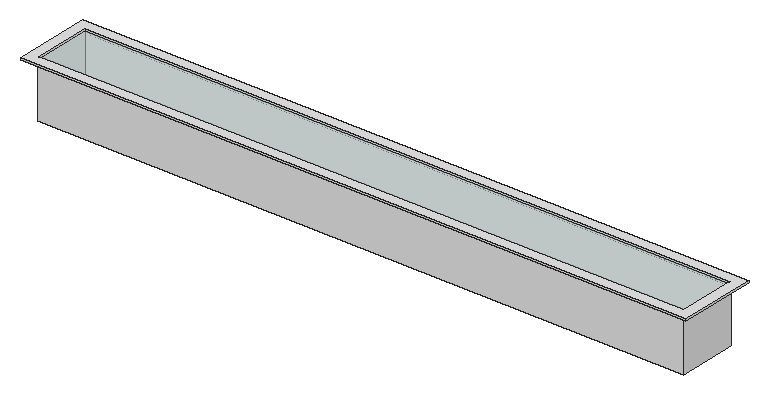
Revit family "CWW", category Lighting Fixtures, host Face, Revit 2012
Parameters (values of type "CWW4-50XWG-1WR-EDU")
  Watts = 25 W
  Wattage = 25 W
  Warranty = "Five year warranty"  # constant formula
  built-in parameter 1150110 = 1 (stored number, unit not read)
  Voltage = 120 V
  built-in parameter 1114217 = 1 (stored number, unit not read)
  Tilt Angle = -90.00°  # constant formula
  built-in parameter 1150109 = 1 (stored number, unit not read)
  built-in parameter 1150134 = 2
  built-in parameter 1150113 = 1 (stored number, unit not read)
  Power Factor = 1
  Photometric Web Notes = "More IES files Download Photometric Web Link"  # constant formula
  Photometric Web Link = "http://www.columbialighting.com/resources/photometry_search/"
  Photometric Web File = "CWW4-50XWG-1WR-EDU.ies"
  Technical Support = "864-678-1000"  # constant formula
  Manufacturer Fax = "866-898-1065"  # constant formula
  Emit from Rectangle Width = 0' - 3 1/2"  # constant formula
  Emit from Rectangle Length = Length - 0' 2"  # 3' - 10"
  Emit Shape Visible in Rendering = no
  Lumen Output = "Extra Low Watt"
  Distribution = "Asymmetric Wallwash with Roomside"
  Ceiling Type = "Grid"
  built-in parameter 1150105 = 220.67 (stored number, unit not read)
  Lumens = 2773 lm
  built-in parameter 1150115 = 1 (stored number, unit not read)
  Load Classification = Lighting
  built-in parameter 1150137 = (empty or 0)
  built-in parameter 1150139 = (empty or 0)
  Length = 4' - 0"
  Wattage Comments = "20W-23.2W"
  URL = "http://www.columbialighting.com/"
  Product Page URL = "http://www.columbialighting.com/products/cww"
  Product Documentation Link = "http://cdn.columbialighting.com/content/products/specs/specs_files/cww.pdf"
  Model = "CWW"  # constant formula
  Manufacturer = "Columbia Lighting"  # constant formula
  built-in parameter 1150112 = 1 (stored number, unit not read)
  built-in parameter 1150114 = 1 (stored number, unit not read)
  Lamp = "LED Lamp"  # constant formula
  Opal lens = Hubbell - Glass
  built-in parameter 1150132 = (empty or 0)
  built-in parameter 1150102 = (empty or 0)
  built-in parameter 1150107 = 5000 (stored number, unit not read)
  built-in parameter 1150138 = (empty or 0)
  built-in parameter 1150106 = 2.2067 (stored number, unit not read)
  built-in parameter 1150104 = 10.305 (stored number, unit not read)
  Dimming Lamp Color Temperature Shift = <None>
  Description = "Contemporary LED Wall Wash"  # constant formula
  Default Elevation = 4' - 0"
  Color Filter = 16777215
  built-in parameter 1114218 = 1 (stored number, unit not read)
  Material Finish = Hubbell - Paint - White
  built-in parameter 1150133 = 10 (stored number, unit not read)
  Apparent Load = Watts / Power Factor  # 25 VA
Types (7): name | Watts | Wattage | built-in parameter 1150134 | Photometric Web File | Emit from Rectangle Length | Lumen Output | Distribution | built-in parameter 1150105 | Lumens | Length | built-in parameter 1150132 | built-in parameter 1150107 | built-in parameter 1150106 | built-in parameter 1150104 | Apparent Load
  (no name) | 25 W | 25 W | 2 | "CWW4-50XWG-1WR-EDU.ies" | 3' - 10" | "Extra Low Watt" | "Asymmetric Wallwash with Roomside" | 220.67 (stored number, unit not read) | 2773 lm | 4' - 0" | (empty or 0) | 5000 (stored number, unit not read) | 2.2067 (stored number, unit not read) | 10.305 (stored number, unit not read) | 25 VA
  CWW4-40XWG-2WW-EDU | 25 W | 23.5712 W | 12 | "CWW4-40XWG-2WW-EDU.ies" | 3' - 10" | "Extra Low Watt" | "Double Wallwash" | 221.86 (stored number, unit not read) | 2788 lm | 4' - 0" | 2 | 4000 (stored number, unit not read) | 2.2186 (stored number, unit not read) | 10.989 (stored number, unit not read) | 25 VA
  CWW4-50MLG-1WW-EDU | 50 W | 50 W | 2 | "CWW4-50MLG-1WW-EDU.ies" | 3' - 10" | "Medium Lumen" | "Asymmetric Wallwash" | 419.85 (stored number, unit not read) | 5276 lm | 4' - 0" | 2 | 5000 (stored number, unit not read) | 4.1985 (stored number, unit not read) | 9.8031 (stored number, unit not read) | 50 VA
  CWW4-50XWG-1WR-EDU | 25 W | 25 W | 2 | "CWW4-50XWG-1WR-EDU.ies" | 3' - 10" | "Extra Low Watt" | "Asymmetric Wallwash with Roomside" | 220.67 (stored number, unit not read) | 2773 lm | 4' - 0" | (empty or 0) | 5000 (stored number, unit not read) | 2.2067 (stored number, unit not read) | 10.305 (stored number, unit not read) | 25 VA
  CWW2-30VWG-2WW-EDU | 15 W | 15 W | (empty or 0) | "CWW2-30VWG-2WW-EDU.ies" | 1' - 10" | "Very Low Watt" | "Double Wallwash" | 116.57 (stored number, unit not read) | 1464.9 lm | 2' - 0" | (empty or 0) | 3000 (stored number, unit not read) | 1.1657 (stored number, unit not read) | 9.0729 (stored number, unit not read) | 15 VA
  CWW2-30MWG-1WW-EDU | 20 W | 20 W | (empty or 0) | "CWW2-30MWG-1WW-EDU.ies" | 1' - 10" | "Medium Low Watt" | "Asymmetric Wallwash" | 148.41 (stored number, unit not read) | 1865 lm | 2' - 0" | (empty or 0) | 3000 (stored number, unit not read) | 1.4841 (stored number, unit not read) | 8.6632 (stored number, unit not read) | 20 VA
  CWW2-30LWG-1WR-EDU | 27 W | 27 W | (empty or 0) | "2x4 2Lamp.ies" | 1' - 10" | "Low Watt" | "Asymmetric Wallwash with Roomside" | 195.59 (stored number, unit not read) | 2457.81 lm | 2' - 0" | (empty or 0) | 3000 (stored number, unit not read) | 1.9559 (stored number, unit not read) | 8.457 (stored number, unit not read) | 27 VA
Reference planes (in)
  plane 1 "Center (Front/Back)": y = 13.01342
  plane 2: z = 0
  plane 3 "Center (Left/Right)": x = 0
  plane 4: x = -24
  plane 5: x = 24
  plane 6: x = -23.313
  plane 7: x = 23.313
Forms (in)
  Extrusion 1, void
    sketch origin (0, 0, 0) x (1, 0, 0) y (0, 1, 0)
      loop
        line (-23.313, 15.13892) -> (-23.313, 10.88792) -> (23.3173, 10.88792) -> (23.3173, 15.13892) -> (-23.313, 15.13892)
    from 1.11951 to -4.125
Dimensions and locks (in)
  equal spacing: plane 4, plane 3 "Center (Left/Right)", plane 5
  "Length": plane 4 to plane 5
  locked: plane 4 to plane 6 at 0.687
  locked: plane 7 to plane 5 at 0.687
  aligned and locked: plane 2 to host face
  aligned and locked: level to host face
  aligned and locked: plane 3 "Center (Left/Right)" to imposter light
  aligned and locked: plane 2 to imposter light
  aligned and locked: plane 1 "Center (Front/Back)" to nested 1
  aligned and locked: plane 3 "Center (Left/Right)" to nested 1
  aligned and locked: Extrusion 1 to nested 1  (x2)
Automatic sketch dimensions
  host sketch curve to host sketch curve = 8' - 0"  (x2)
  plane 4 to Extrusion 1 sketch curve = 0' - 0.687"
  plane 1 "Center (Front/Back)" to Extrusion 1 sketch curve = 0' - 2.1255"
  Extrusion 1 sketch curve to plane 5 = 0' - 0.6827"
  Extrusion 1 sketch curve to plane 1 "Center (Front/Back)" = 0' - 2.1255"
Nested families (in)
  nested 1: "Housing" at (0, -1.0625, -4), type "Model"
    with Opal lens Hubbell - Glass, Ballast Hubbell - Paint - White, Width 0' - 5 5/8"
Connectors (in)
  electrical at (0.00215, 13.01342, -4), driven by "Voltage", driven by "Apparent Load", driven by "Power Factor", driven by "Load Classification"
    settings: on nested 1, index 1, voltage 120 V, apparent load 25 VA, apparent load phase1 0 VA, apparent load phase2 0 VA, apparent load phase3 0 VA, power factor 1, load classification "Lighting", number of poles 1, system type 30, power factor state 1, is connector primary yes, connector utility no, sub classification motor no, connector description "Electrical Connector"
Definition of nested family "Housing"
  Parameters (values of type "Model")
    Width = 0' - 5"
    Wattage Comments = ""
    Length = 4' - 0"
    URL = ""
    Product Page URL = ""
    Product Documentation Link = ""
    Model = ""
    Manufacturer Phone = ""
    Manufacturer Fax = ""
    Manufacturer = ""
    Opal lens [instance] = Hubbell - Glass
    Lamp = ""
    Description = ""  # constant formula
    Default Elevation = 4' - 0"
    Ballast [instance] = Hubbell - Paint - White
  Reference planes (in)
    plane 1 "Center (Front/Back)": y = 14.07592
    plane 2: z = 0
    plane 3 "Center (Left/Right)": x = 0
    plane 4: x = 24
    plane 5: x = -24
    plane 6: x = -23.313
    plane 7: x = 23.3173
    plane 8: y = 16.57592
    plane 9: y = 11.57592
    plane 10: z = 1
    plane 11: y = 15.88892
    plane 12: y = 12.26292
    plane 13: z = 4.125
    plane 14: x = -23.253
    plane 15: x = 23.2573
    plane 16: y = 15.82892
    plane 17: y = 12.32292
    plane 18: z = 4
    plane 19: z = 3.875
  Forms (in)
    Extrusion 1, solid
      sketch origin (0, 12.79105, 0) x (1, 0, 0) y (0, 1, 0)
        loop
          line (-48, 48) -> (-48, -48) -> (48, -48) -> (48, 48) -> (-48, 48)
      from 0 to -6
    Extrusion 2, solid, material "Hubbell - Glass" <- "Opal lens"
      sketch origin (0, 0, 0) x (1, 0, 0) y (0, 1, 0)
        loop
          line (-23.253, 15.82892) -> (-23.253, 12.32292) -> (23.2573, 12.32292) -> (23.2573, 15.82892) -> (-23.253, 15.82892)
      from 4 to 3.875
    Extrusion 3, solid, material "Hubbell - Paint - White" <- "Ballast"
      sketch origin (0, 0, 0) x (1, 0, 0) y (0, 1, 0)
        loop
          line (-24, 16.57592) -> (-24, 11.57592) -> (24, 11.57592) -> (24, 16.57592) -> (-24, 16.57592)
        loop
          line (-23.253, 15.82892) -> (-23.253, 12.32292) -> (23.2573, 12.32292) -> (23.2573, 15.82892) -> (-23.253, 15.82892)
      from 4 to 4.125
    Extrusion 4, solid, material "Hubbell - Paint - White" <- "Ballast"
      sketch origin (0, 0, 0) x (1, 0, 0) y (0, 1, 0)
        loop
          line (-23.313, 15.88892) -> (-23.313, 12.26292) -> (23.3173, 12.26292) -> (23.3173, 15.88892) -> (-23.313, 15.88892)
      from 0 to 4
    Extrusion 5, void
      sketch origin (0, 0, 0) x (1, 0, 0) y (0, 1, 0)
        loop
          line (-23.253, 15.82892) -> (-23.253, 12.32292) -> (23.2573, 12.32292) -> (23.2573, 15.82892) -> (-23.253, 15.82892)
      from 1 to 4
  Cuts and joins
    Extrusion 5 cuts Extrusion 3
    Extrusion 5 cuts Extrusion 4
  Dimensions and locks (in)
    "Length": plane 5 to plane 4
    equal spacing: plane 5, plane 3 "Center (Left/Right)", plane 4
    plane 10 to Extrusion 1 = 0' - 1"
    plane 1 "Center (Front/Back)" to plane 8 = 0' - 2 1/2"
    locked: plane 8 to plane 11 at 0.687
    locked: plane 12 to plane 9 at 0.687
    locked: plane 5 to plane 6 at 0.687
    locked: plane 7 to plane 4 at 0.6827
    plane 13 to plane 2 = 0' - 4 1/8"  (x2)
    locked: plane 6 to plane 14 at 0.06
    locked: plane 11 to plane 16 at 0.06
    locked: plane 12 to plane 17 at 0.06
    locked: plane 15 to plane 7 at 0.06
    "Width": plane 8 to plane 9
    equal spacing: plane 8, plane 1 "Center (Front/Back)", plane 9
    locked: plane 13 to plane 18 at 0.125
    locked: plane 18 to plane 19 at 0.125
    aligned and locked: plane 2 to Extrusion 1
    aligned and locked: level to Extrusion 1
    aligned and locked: plane 4 to Extrusion 3
    aligned and locked: Extrusion 3 sketch curve to plane 16
    aligned and locked: plane 14 to Extrusion 3 sketch curve
    aligned and locked: Extrusion 3 sketch curve to plane 17
    aligned and locked: plane 15 to Extrusion 3 sketch curve
    aligned and locked: Extrusion 4 to cut or joined group of Extrusion 3, Extrusion 5
    aligned and locked: Extrusion 5 to plane 10
    aligned and locked: plane 13 to Extrusion 3
    aligned and locked: plane 18 to Extrusion 2
    aligned and locked: Extrusion 2 to plane 19
  Automatic sketch dimensions
    Extrusion 1 sketch curve to Extrusion 1 sketch curve = 8' - 0"  (x2)
    Extrusion 5 sketch curve to plane 14 = 0' - 0"
    Extrusion 5 sketch curve to plane 15 = 0' - 0"
    plane 17 to Extrusion 5 sketch curve = 0' - 0"
    Extrusion 5 sketch curve to plane 16 = 0' - 0"
    Extrusion 3 sketch curve to plane 5 = 0' - 0"
    plane 4 to Extrusion 3 sketch curve = 0' - 0"
    Extrusion 3 sketch curve to plane 9 = 0' - 0"
    Extrusion 3 sketch curve to plane 8 = 0' - 0"
    Extrusion 2 sketch curve to plane 14 = 0' - 0"
    Extrusion 2 sketch curve to plane 15 = 0' - 0"
    plane 17 to Extrusion 2 sketch curve = 0' - 0"
    Extrusion 2 sketch curve to plane 16 = 0' - 0"
    Extrusion 4 sketch curve to plane 6 = 0' - 0"
    Extrusion 4 sketch curve to plane 7 = 0' - 0"
    Extrusion 4 sketch curve to plane 12 = 0' - 0"
    Extrusion 4 sketch curve to plane 11 = 0' - 0"
